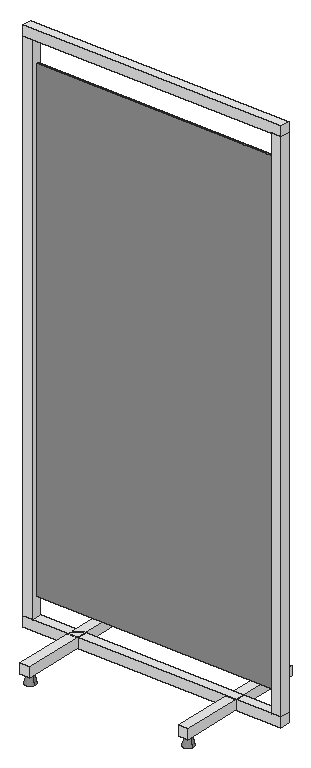
Revit family "Ширма односекционная", category Оборудование, Revit 2017
Family settings
  Размер круглого соединителя = Использовать диаметр
  Тип детали = Нормальный
  На основе рабочей плоскости = Нет
  Всегда вертикально = Да
  При загрузке вырезать с полостями = Нет
  Общий = Нет
  Точка расчета площади = Нет
Parameters (values of type "Тип")
  Общ_Ширина = 800.0 mm
  Общ_Тип, марка = "ДМ-5-002-01"
  Общ_Примечание = ""
  Общ_Поставщик = "Доктор Мебель"
  Общ_Позиция = ""
  Общ_Наименование = "Ширма односекционная"
  Общ_Масса = ""
  Общ_Код продукции = ""
  Общ_Единицы измерения = "шт."
  Общ_Глубина = 400.0 mm
  Общ_Высота = 1700.0 mm
  Ножки = Пластмасса, непрозрачная, черная
  Материя = Полотно, белое
  Корпус = Алюминий 7075
  Keynote = ""
  Model = ""
Reference planes
  plane 1 "По центру (Вперед/Назад)": y = 0
  plane 2: z = 0
  plane 3 "По центру (Влево/Вправо)": x = 0
  plane 4: y = 200
  plane 5: y = -200
Forms (mm)
  Extrusion 1, solid, material "Алюминий 7075" <- "Корпус", detail levels fine
    sketch origin (-400, 0, 0) x (1, 0, 0) y (0, 1, 0)
      loop
        line (0, -15) -> (800, -15) -> (800, 15) -> (0, 15) -> (0, -15)
    from 30 to 60
  Extrusion 2, solid, material "Алюминий 7075" <- "Корпус", detail levels fine
    sketch origin (-400, 0, 0) x (1, 0, 0) y (0, 1, 0)
      loop
        line (140, -15) -> (140, -200) -> (170, -200) -> (170, 200) -> (140, 200) -> (140, -15)
      loop
        line (660, -15) -> (660, 200) -> (630, 200) -> (630, -200) -> (660, -200) -> (660, -15)
    from 30 to 60
  Blend 3, solid, material "Пластмасса, непрозрачная, черная" <- "Ножки", detail levels fine
    base sketch origin (-400, 0, 0) x (1, 0, 0) y (0, 1, 0)
      loop
        circle (155, 180) r 15
    top sketch origin (-400, 0, 0) x (1, 0, 0) y (0, 1, 0)
      loop
        circle (155, 180) r 7.5
    from 0 to 30
  Blend 4, solid, material "Пластмасса, непрозрачная, черная" <- "Ножки", detail levels fine
    base sketch origin (-400, 0, 0) x (1, 0, 0) y (0, 1, 0)
      loop
        circle (155, -180) r 15
    top sketch origin (-400, 0, 0) x (1, 0, 0) y (0, 1, 0)
      loop
        circle (155, -180) r 7.5
    from 0 to 30
  Blend 5, solid, material "Пластмасса, непрозрачная, черная" <- "Ножки", detail levels fine
    base sketch origin (400, 0, 0) x (-1, 0, 0) y (0, -1, 0)
      loop
        circle (155, -180) r 15
    top sketch origin (400, 0, 0) x (-1, 0, 0) y (0, -1, 0)
      loop
        circle (155, -180) r 7.5
    from 0 to 30
  Blend 6, solid, material "Пластмасса, непрозрачная, черная" <- "Ножки", detail levels fine
    base sketch origin (400, 0, 0) x (-1, 0, 0) y (0, -1, 0)
      loop
        circle (155, 180) r 15
    top sketch origin (400, 0, 0) x (-1, 0, 0) y (0, -1, 0)
      loop
        circle (155, 180) r 7.5
    from 0 to 30
  Extrusion 7, solid, material "Алюминий 7075" <- "Корпус", detail levels fine
    sketch origin (-400, 0, 0) x (1, 0, 0) y (0, 1, 0)
      loop
        line (800, 15) -> (770, 15) -> (770, -15) -> (800, -15) -> (800, 15)
      loop
        line (30, 15) -> (0, 15) -> (0, -15) -> (30, -15) -> (30, 15)
    from 60 to 1670
  Extrusion 8, solid, material "Алюминий 7075" <- "Корпус", detail levels fine
    sketch origin (-400, 0, 0) x (1, 0, 0) y (0, 1, 0)
      loop
        line (0, 15) -> (0, -15) -> (800, -15) -> (800, 15) -> (0, 15)
    from 1700 to 1670
  Extrusion 9, solid, material "Полотно, белое" <- "Материя", detail levels fine
    sketch origin (-400, 0, 0) x (1, 0, 0) y (0, 1, 0)
      loop
        line (30, 2.5) -> (30, -2.5) -> (770, -2.5) -> (770, 2.5) -> (30, 2.5)
    from 120 to 1600
Lines and regions (mm)
  symbolic lines, detail levels coarse+medium
    curve 1: line (-400, 15, 0) -> (400, 15, 0)
    curve 2: line (-400, -15, 0) -> (-400, 15, 0)
    curve 3: line (400, -15, 0) -> (-400, -15, 0)
    curve 4: line (400, 15, 0) -> (400, -15, 0)
    curve 5: line (-260, 200, 0) -> (-230, 200, 0)
    curve 6: line (-260, -200, 0) -> (-260, 200, 0)
    curve 7: line (-230, -200, 0) -> (-260, -200, 0)
    curve 8: line (-230, 200, 0) -> (-230, -200, 0)
    curve 9: line (230, 200, 0) -> (260, 200, 0)
    curve 10: line (230, -200, 0) -> (230, 200, 0)
    curve 11: line (260, -200, 0) -> (230, -200, 0)
    curve 12: line (260, 200, 0) -> (260, -200, 0)
Dimensions and locks
  aligned and locked: level to plane 2
